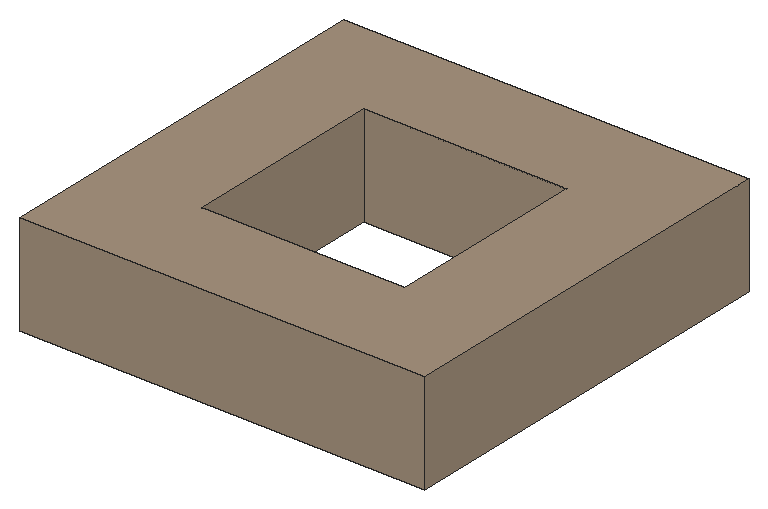
Revit family
Parameters
  Warranty Duration (Years) = 50
  URL = "http://www.nativecustomstone.com/"
  Test Data = "http://www.nativecustomstone.com/specs/testing-and-ics-esr-report"
  Specification = "http://www.nativecustomstone.com/specs/3-part-spec"
  Send Message = "http://www.arcat.com/users.pl?action=UserEmail&company=Native+Custom+Stone&coid=48056&rep=152&fax=706-216-5550&mf="
  Sales Information = "http://www.nativecustomstone.com/contact"
  Revision = "R1_10-2012"
  Product Properties = "http://www.nativecustomstone.com/specs/spec-data-sheet"
  Product Data = "http://www.arcat.com/arcatcos/cos48/arc48056.html"
  Model = "As Specified in 04 73 00"
  Material = Native-Custom-Stone_Accessory-Material_Brown-Color
  Manufacturer Website = "www.nativecstone.com"
  Manufacturer Phone - Toll Free = "888-823-0745"
  Manufacturer Phone = "706-216-5545"
  Manufacturer Fax = "706-216-5550"
  Manufacturer Email = "http://www.arcat.com/users.pl?action=UserEmail&company=Native+Custom+Stone&coid=48056&rep=152&fax=706-216-5550&mf="
  Manufacturer Address = "236 Hightower Pkwy. Dawsonville, GA 30534"
  Manufacturer = "Native Custom Stone"
  Maintenance Schedule (Months) = 12
  Keynote = "04 73 00"
  Installation-Fabrication = "http://www.nativecustomstone.com/specs/stone-installation-and-accessory-details"
  Installation Phase = "Masonry Finishes"
  Green Building-LEED = "http://www.nativecustomstone.com/specs/native-custom-stone-for-leeds-projects"
  Drawn By = "Sumex Design, Inc."
  Description = "Double Electric Box as Specified in 04 73 00"
  Default Elevation = 0' - 0"
  Copyright = "©Arcat Inc."
  Construction Details = "http://www.nativecustomstone.com/specs/stone-installation-and-accessory-details"
  Company_ID = 48056
  Assembly Code = "B2010100"
Reference planes (in)
  plane 1 "Center (Front/Back)": y = 0
  plane 2: z = 0
  plane 3 "Center (Left/Right)": x = 0
  plane 4: x = -4
  plane 5: x = 4
  plane 6: y = 4
  plane 7: y = -4
  plane 8: z = 2
Forms (in)
  Extrusion 1, solid, material "Native-Custom-Stone_Accessory-Material_Brown-Color" <- "Material"
    sketch origin (0, 0, 0) x (1, 0, 0) y (0, 1, 0)
      loop
        line (4, 4) -> (-4, 4) -> (-4, -4) -> (4, -4) -> (4, 4)
      loop
        line (-2, 2) -> (-2, -2) -> (2, -2) -> (2, 2) -> (-2, 2)
    from 0 to 2
Dimensions and locks (in)
  equal spacing: plane 4, plane 3 "Center (Left/Right)", plane 5
  equal spacing: plane 7, plane 1 "Center (Front/Back)", plane 6
  locked: plane 7 to plane 6 at 8
  locked: plane 4 to plane 5 at 8
  locked: plane 8 to level at 2
  aligned and locked: Extrusion 1 sketch curve to plane 6
  aligned and locked: Extrusion 1 sketch curve to plane 7
  aligned and locked: plane 8 to Extrusion 1
Automatic sketch dimensions
  Extrusion 1 sketch curve to plane 4 = 0' - 0"
  Extrusion 1 sketch curve to plane 5 = 0' - 0"
  Extrusion 1 sketch curve to plane 3 "Center (Left/Right)" = 0' - 2"
  plane 3 "Center (Left/Right)" to Extrusion 1 sketch curve = 0' - 2"
  plane 1 "Center (Front/Back)" to Extrusion 1 sketch curve = 0' - 2"
  Extrusion 1 sketch curve to plane 1 "Center (Front/Back)" = 0' - 2"
